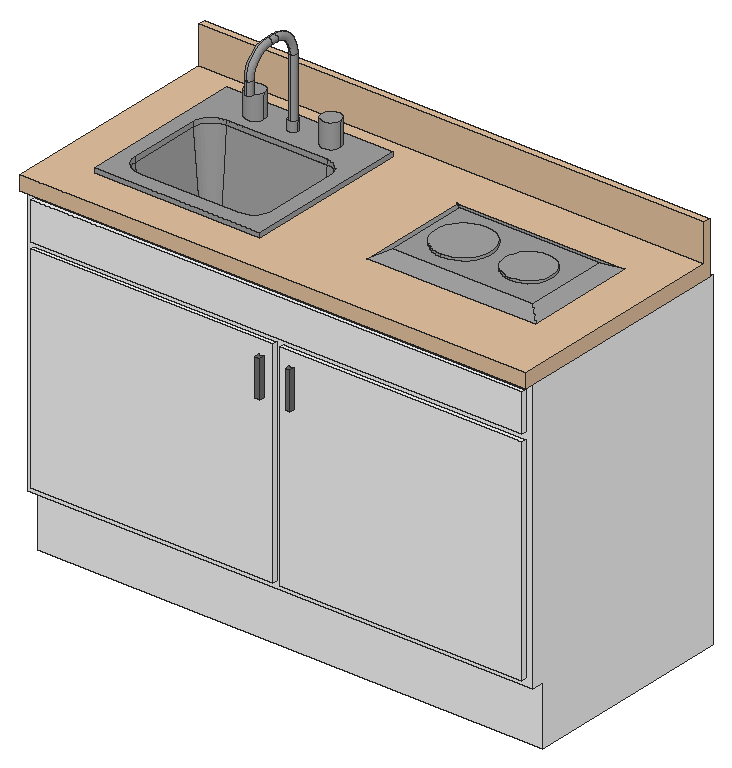
Revit family
Parameters (values of type "1372mm")
  Width = 1372 mm
  Sink Location = Width / 4  # 343 mm
  Height = 900 mm
  Depth = 610 mm
  Cabinet Material = Cabinets
  Door/Drawer Material = Cabinets
  Handle Material = Cabinets - Handles
  Toe Depth = 35 mm
  Toe Height = 160 mm
  Assembly Code = ""
Reference planes
  plane 1 "Back": y = 0
  plane 2: z = 0
  plane 3 "Center": x = 18.738
  plane 4 "Left": x = -667.262
  plane 5 "Right": x = 704.738
  plane 6 "Front": y = -610
  plane 7 "Top": z = 900
  plane 8: y = -575
  plane 9: z = 160
  plane 10: z = 880.95
  plane 11: z = 179.05
  plane 12: x = -648.212
  plane 13: x = 685.688
  plane 14: z = 779.35
  plane 15: z = 760.3
  plane 16: z = 722.2
  plane 17: z = 620.6
  plane 18: x = -16.187
  plane 19: x = -28.887
  plane 20: x = 9.213
  plane 21: x = 28.263
  plane 22: x = 53.663
  plane 23: x = 66.363
  plane 24: y = -305
  plane 25: x = 361.738
  plane 26: x = -324.262
  plane 27: y = -635
Forms (mm)
  Extrusion 1, solid, material "Cabinets" <- "Cabinet Material"
    sketch origin (0, 0, 0) x (1, 0, 0) y (0, 1, 0)
      loop
        line (-667.262, 0) -> (-667.262, -575) -> (704.738, -575) -> (704.738, 0) -> (-667.262, 0)
    from 0 to 160
  Sweep 2, solid, material "Cabinets" <- "Cabinet Material"
    path origin (0, 0, 0) x (1, 0, 0) y (0, 1, 0)
      loop
        line (704.738, 0) -> (-667.262, 0) -> (-667.262, -610) -> (704.738, -610) -> (704.738, 0)
    profile origin (0, -305, 0) x (1, 0, 0) y (0, 0, 1)
      loop
        line (704.738, 160) -> (704.738, 900) -> (685.688, 900) -> (685.688, 160) -> (704.738, 160)
  Extrusion 3, solid, material "Cabinets" <- "Cabinet Material"
    sketch origin (0, 0, 0) x (1, 0, 0) y (0, 1, 0)
      loop
        line (-648.212, -19.05) -> (-648.212, -590.95) -> (685.688, -590.95) -> (685.688, -19.05) -> (-648.212, -19.05)
    from 179.05 to 160
  Extrusion 4, solid, material "Cabinets" <- "Door/Drawer Material"
    sketch origin (0, -610, 0) x (1, 0, 0) y (0, 0, 1)
      loop
        line (-648.212, 760.3) -> (-648.212, 179.05) -> (9.213, 179.05) -> (9.213, 760.3) -> (-648.212, 760.3)
      loop
        line (28.263, 760.3) -> (28.263, 179.05) -> (685.688, 179.05) -> (685.688, 760.3) -> (28.263, 760.3)
      loop
        line (-648.212, 880.95) -> (-648.212, 779.35) -> (685.688, 779.35) -> (685.688, 880.95) -> (-648.212, 880.95)
    from 0 to 12.7
  Extrusion 5, solid, material "Cabinets - Handles" <- "Handle Material"
    sketch origin (0, -610, 0) x (1, 0, 0) y (0, 0, 1)
      loop
        line (-28.887, 722.2) -> (-28.887, 620.6) -> (-16.187, 620.6) -> (-16.187, 722.2) -> (-28.887, 722.2)
      loop
        line (53.663, 722.2) -> (53.663, 620.6) -> (66.363, 620.6) -> (66.363, 722.2) -> (53.663, 722.2)
    from 12.7 to 25.4
Cuts and joins
  joined: Extrusion 1, Sweep 2
Lines and regions (mm)
  symbolic lines, style "SpecialityEquipment"
    curve 1: line (704.738, -610, 0) -> (-667.262, -610, 0)
  model lines
    curve 2: line (685.688, -610, 779.35) -> (-648.212, -610, 779.35)
    curve 3: line (685.688, -610, 880.95) -> (685.688, -610, 779.35)
    curve 4: line (-648.212, -610, 880.95) -> (685.688, -610, 880.95)
    curve 5: line (-648.212, -610, 779.35) -> (-648.212, -610, 880.95)
    curve 6: line (685.688, -610, 179.05) -> (28.263, -610, 179.05)
    curve 7: line (685.688, -610, 760.3) -> (685.688, -610, 179.05)
    curve 8: line (-648.212, -610, 760.3) -> (9.213, -610, 760.3)
    curve 9: line (-648.212, -610, 179.05) -> (-648.212, -610, 760.3)
    curve 10: line (-28.887, -610, 722.2) -> (-16.187, -610, 722.2)
    curve 11: line (-28.887, -610, 620.6) -> (-28.887, -610, 722.2)
    curve 12: line (-16.187, -610, 620.6) -> (-28.887, -610, 620.6)
    curve 13: line (-16.187, -610, 722.2) -> (-16.187, -610, 620.6)
    curve 14: line (28.263, -610, 179.05) -> (28.263, -610, 760.3)
    curve 15: line (9.213, -610, 179.05) -> (9.213, -610, 760.3)
    curve 16: line (66.363, -610, 722.2) -> (53.663, -610, 722.2)
    curve 17: line (66.363, -610, 620.6) -> (66.363, -610, 722.2)
    curve 18: line (53.663, -610, 620.6) -> (66.363, -610, 620.6)
    curve 19: line (53.663, -610, 722.2) -> (53.663, -610, 620.6)
    curve 20: line (28.263, -610, 760.3) -> (685.688, -610, 760.3)
    curve 21: line (9.213, -610, 179.05) -> (-648.212, -610, 179.05)
  symbolic lines, style "Elevation Swing"
    curve 22: line (9.213, -610, 760.3) -> (-648.212, -610, 469.675)
    curve 23: line (9.213, -610, 179.05) -> (-648.212, -610, 469.675)
    curve 24: line (28.263, -610, 760.3) -> (685.688, -610, 469.675)
    curve 25: line (685.688, -610, 469.675) -> (28.263, -610, 179.05)
Dimensions and locks
  "Depth": plane 6 "Front" to plane 1 "Back"
  "Width": plane 4 "Left" to plane 5 "Right"
  equal spacing: plane 4 "Left", plane 3 "Center", plane 5 "Right"
  "Height": level to plane 7 "Top"
  "Toe Height": plane 2 to plane 9
  "Toe Depth": plane 6 "Front" to plane 8
  locked: plane 4 "Left" to plane 12 at 19.05
  locked: plane 13 to plane 5 "Right" at 19.05
  locked: plane 7 "Top" to plane 10 at 19.05
  locked: plane 11 to plane 9 at 19.05
  plane 10 to plane 14 to plane 15 = 101.6 mm locked, 19.05 mm locked
  plane 15 to plane 16 to plane 17 = 38.1 mm locked, 101.6 mm locked
  plane 21 to plane 3 "Center" to plane 20 = 9.525 mm locked, 9.525 mm locked
  plane 20 to plane 18 to plane 19 = 25.4 mm locked, 12.7 mm locked
  plane 21 to plane 22 to plane 23 = 25.4 mm locked, 12.7 mm locked
  equal spacing: plane 15, curve 23, plane 11
  equal spacing: plane 15, curve 25, plane 11
  equal spacing: plane 3 "Center", plane 25, plane 5 "Right"
  equal spacing: plane 4 "Left", plane 26, plane 3 "Center"
  locked: plane 6 "Front" to plane 27 at 25
  equal spacing: plane 6 "Front", plane 24, plane 1 "Back"
  aligned and locked: plane 1 "Back" to Extrusion 1 sketch curve
  aligned and locked: Extrusion 1 sketch curve to plane 5 "Right"
  aligned and locked: Extrusion 1 sketch curve to plane 8
  aligned and locked: plane 4 "Left" to Extrusion 1 sketch curve
  aligned and locked: Extrusion 1 to level
  aligned and locked: Sweep 2 sketch curve to plane 6 "Front"
  aligned and locked: plane 1 "Back" to Sweep 2 sketch curve
  aligned and locked: Sweep 2 sketch curve to plane 5 "Right"  (x2)
  aligned and locked: plane 4 "Left" to Sweep 2 sketch curve
  aligned and locked: plane 7 "Top" to Sweep 2 sketch curve
  aligned and locked: Sweep 2 sketch curve to plane 9
  aligned and locked: Sweep 2 to Extrusion 3 sketch curve  (x2)
  aligned and locked: Extrusion 3 sketch curve to Sweep 2  (x2)
  aligned and locked: Extrusion 3 to plane 11
  aligned and locked: Extrusion 3 to plane 9
  aligned and locked: Extrusion 1 to plane 9
  aligned and locked: plane 17 to Extrusion 5  (x2)
  aligned and locked: curve 8 to curve 22
  aligned and locked: plane 12 to curve 22
  aligned and locked: curve 23 to curve 21
  aligned and locked: curve 24 to curve 20
  aligned and locked: plane 13 to curve 24
  aligned and locked: curve 6 to curve 25
  aligned and locked: nested 1 to plane 26
  aligned and locked: nested 1 to plane 24
  aligned and locked: plane 24 to nested 2
  aligned and locked: nested 2 to plane 25
Automatic sketch dimensions
  profile plane to Sweep 2 sketch curve = 19.05 mm
  curve 1 to plane 4 "Left" = 0 mm
  curve 1 to plane 6 "Front" = 0 mm
  curve 3 to plane 10 = 0 mm
  curve 3 to plane 13 = 0 mm
  curve 17 to plane 16 = 0 mm
  curve 17 to plane 23 = 0 mm
  curve 19 to plane 17 = 0 mm
  curve 19 to plane 22 = 0 mm
  curve 20 to plane 15 = 0 mm
  curve 20 to plane 21 = 0 mm
  curve 15 to plane 15 = 0 mm
  curve 15 to plane 20 = 0 mm
  curve 12 to plane 17 = 0 mm
  curve 12 to plane 18 = 0 mm
  curve 12 to plane 19 = 0 mm
  curve 9 to plane 12 = 0 mm
  curve 5 to plane 12 = 0 mm
  curve 3 to plane 14 = 0 mm
  curve 11 to plane 16 = 0 mm
  curve 6 to plane 11 = 0 mm
  curve 9 to plane 11 = 0 mm
  Extrusion 4 sketch curve to plane 11 = 0 mm  (x2)
  Extrusion 4 sketch curve to plane 12 = 0 mm  (x2)
  Extrusion 4 sketch curve to plane 15 = 0 mm  (x2)
  Extrusion 4 sketch curve to plane 20 = 0 mm
  Extrusion 4 sketch curve to plane 21 = 0 mm
  Extrusion 4 sketch curve to plane 10 = 0 mm
  Extrusion 4 sketch curve to plane 13 = 0 mm  (x2)
  Extrusion 4 sketch curve to plane 14 = 0 mm
  Extrusion 5 sketch curve to plane 19 = 0 mm
  Extrusion 5 sketch curve to plane 18 = 0 mm
  Extrusion 5 sketch curve to plane 16 = 0 mm  (x2)
  Extrusion 5 sketch curve to plane 22 = 0 mm
  Extrusion 5 sketch curve to plane 23 = 0 mm
  plane 17 to Extrusion 5 sketch curve = 0 mm  (x2)
  Sweep 2 to curve 7 = 19.05 mm
  curve 23 to plane 20 = 0 mm
  curve 22 to plane 20 = 0 mm
  curve 25 to plane 21 = 0 mm
  curve 24 to plane 21 = 0 mm
  curve 1 to plane 5 "Right" = 0 mm
Nested families
  nested 1: "Sink Kitchen-Island (NZ)" at (-339.952, -307.345, 40), type "450 x 450mm"
  nested 2: "Cook Top-2 Unit (M)" at (391.963, -381.2, 40) x (0, 1, 0) z (0, 0, 1), type "305 x 457mm"
  nested 3: "Counter Top w Sink Hole (NZ)" at (533.2, -10, 0), Length <- "Width", Sink Location <- "Sink Location", type "600mm Depth"
    with Sink Opening Width 425 mm, Sink Opening Depth 425 mm, Sink Location To Wall 80 mm, Sink Location 343 mm, Length 1372 mm
Definition of nested family "Sink Kitchen-Island (NZ)"
  Parameters (values of type "450 x 450mm")
    Counter Height = 900 mm
    Depth = 450 mm
    Fixture Material = Metal - Steel, Polished
    Sink Material = Metal - Steel, Polished
    Width = 450 mm
    Assembly Code = ""
  Reference planes
    plane 1 "Center (Front/Back)": y = 2.345
    plane 2: z = 0
    plane 3 "Center (Left/Right)": x = 15.689
    plane 4: y = 227.345
    plane 5: y = -222.655
    plane 6: x = -209.311
    plane 7: x = 240.689
    plane 8 "Top Of Counter": z = 900
    plane 9: z = 912.7
    plane 10: z = 684.1
    plane 11: y = 113.045
    plane 12: x = -171.211
    plane 13: y = -184.555
    plane 14: x = 202.589
    plane 15: x = -85.911
    plane 16: x = 117.289
    plane 17: y = 170.195
    plane 18: y = 170.195
    plane 19: y = 170.195
    plane 20: z = 1163.525
    plane 21: y = 20.97
    plane 22: z = 976.2
    plane 23: z = 938.1
  Forms (mm)
    Extrusion 1, solid, material "Metal - Steel, Polished" <- "Sink Material"
      sketch origin (0, 0, 0) x (1, 0, 0) y (0, 1, 0)
        loop
          line (-209.311, 227.345) -> (-209.311, -222.655) -> (240.689, -222.655) -> (240.689, 227.345) -> (-209.311, 227.345)
        loop
          arc (-120.411, 113.045) -> (-156.332, 98.166) -> (-171.211, 62.245) r 50.8
          line (-171.211, 62.245) -> (-171.211, -133.755)
          arc (-171.211, -133.755) -> (-156.332, -169.676) -> (-120.411, -184.555) r 50.8
          line (-120.411, -184.555) -> (151.789, -184.555)
          arc (151.789, -184.555) -> (187.71, -169.676) -> (202.589, -133.755) r 50.8
          line (202.589, -133.755) -> (202.589, 62.245)
          arc (202.589, 62.245) -> (187.71, 98.166) -> (151.789, 113.045) r 50.8
          line (151.789, 113.045) -> (-120.411, 113.045)
      from 900 to 912.7
    Sweep 2, solid, material "Metal - Steel, Polished" <- "Sink Material"
      path origin (0, 0, 0) x (1, 0, 0) y (0, 1, 0)
        loop
          arc (-120.411, 113.045) -> (-156.332, 98.166) -> (-171.211, 62.245) r 50.8
          line (-171.211, 62.245) -> (-171.211, -133.755)
          arc (-171.211, -133.755) -> (-156.332, -169.676) -> (-120.411, -184.555) r 50.8
          line (-120.411, -184.555) -> (151.789, -184.555)
          arc (151.789, -184.555) -> (187.71, -169.676) -> (202.589, -133.755) r 50.8
          line (202.589, -133.755) -> (202.589, 62.245)
          arc (202.589, 62.245) -> (187.71, 98.166) -> (151.789, 113.045) r 50.8
          line (151.789, 113.045) -> (-120.411, 113.045)
      profile origin (15.689, 0, 0) x (0, 1, 0) y (0, 0, 1)
        loop
          line (113.045, 900) -> (96.511, 711.015)
          arc (96.511, 711.015) -> (90.404, 698.63) -> (77.534, 693.625) r 19.05
          line (77.534, 693.625) -> (74.945, 693.625) -> (74.945, 684.1) -> (119.395, 684.1) -> (119.395, 900) -> (113.045, 900)
    Extrusion 3, solid, material "Metal - Steel, Polished" <- "Sink Material"
      sketch origin (0, 0, 0) x (1, 0, 0) y (0, 1, 0)
        loop
          arc (-120.411, 74.945) -> (-129.391, 71.226) -> (-133.111, 62.245) r 12.7
          line (-133.111, 62.245) -> (-133.111, -133.755)
          arc (-133.111, -133.755) -> (-129.391, -142.735) -> (-120.411, -146.455) r 12.7
          line (-120.411, -146.455) -> (151.789, -146.455)
          arc (151.789, -146.455) -> (160.769, -142.735) -> (164.489, -133.755) r 12.7
          line (164.489, -133.755) -> (164.489, 62.245)
          arc (164.489, 62.245) -> (160.769, 71.226) -> (151.789, 74.945) r 12.7
          line (151.789, 74.945) -> (-120.411, 74.945)
        loop
          circle (15.689, 0) r 25.4
      from 684.1 to 693.625
    Extrusion 4, solid, material "Metal - Steel, Polished" <- "Fixture Material"
      sketch origin (0, 0, 0) x (1, 0, 0) y (0, 1, 0)
        loop
          circle (-85.911, 167.117) r 25.4
        loop
          circle (117.289, 172.313) r 25.4
      from 912.7 to 976.2
    Sweep 5, solid, material "Metal - Steel, Polished" <- "Fixture Material"
      path origin (15.689, 0, 0) x (0, 1, 0) y (0, 0, 1)
        loop
          line (170.195, 912.7) -> (170.195, 1100.025)
          arc (170.195, 1100.025) -> (151.597, 1144.926) -> (106.695, 1163.525) r 63.5
          line (106.695, 1163.525) -> (84.47, 1163.525)
          arc (84.47, 1163.525) -> (39.569, 1144.926) -> (20.97, 1100.025) r 63.5
          line (20.97, 1100.025) -> (20.97, 1065.1)
      profile origin (15.689, 0, 1006.363) x (0, -1, 0) y (1, 0, 0)
        loop
          circle (-170.195, 0) r 9.525
    Extrusion 6, solid, material "Metal - Steel, Polished" <- "Fixture Material"
      sketch origin (0, 0, 0) x (1, 0, 0) y (0, 1, 0)
        loop
          circle (15.689, 170.195) r 12.7
      from 912.7 to 938.1
  Cuts and joins
    joined: Sweep 5, Extrusion 6
    joined: Sweep 2, Extrusion 3
  Lines and regions (mm)
    symbolic lines
      curve 1: line (240.689, 227.345, 0) -> (-209.311, 227.345, 0)
      curve 2: line (240.689, -222.655, 0) -> (240.689, 227.345, 0)
      curve 3: line (-209.311, -222.655, 0) -> (240.689, -222.655, 0)
      curve 4: line (-209.311, 227.345, 0) -> (-209.311, -222.655, 0)
      curve 5: arc (41.089, 0, 0) -> (15.689, 25.4, 0) -> (-9.711, 0, 0) r 25.4
      curve 6: arc (-9.711, 0, 0) -> (15.689, -25.4, 0) -> (41.089, 0, 0) r 25.4
      curve 7: line (-171.211, 62.245, 0) -> (-171.211, -133.755, 0)
      curve 8: line (-120.411, -184.555, 0) -> (151.789, -184.555, 0)
      curve 9: line (202.589, -133.755, 0) -> (202.589, 62.245, 0)
      curve 10: line (151.789, 113.045, 0) -> (28.389, 113.045, 0)
      curve 11: arc (202.589, 62.245, 0) -> (187.71, 98.166, 0) -> (151.789, 113.045, 0) r 50.8
      curve 12: arc (151.789, -184.555, 0) -> (187.71, -169.676, 0) -> (202.589, -133.755, 0) r 50.8
      curve 13: arc (-171.211, -133.755, 0) -> (-156.332, -169.676, 0) -> (-120.411, -184.555, 0) r 50.8
      curve 14: arc (-120.411, 113.045, 0) -> (-156.332, 98.166, 0) -> (-171.211, 62.245, 0) r 50.8
      curve 15: arc (-60.511, 167.117, 0) -> (-85.911, 192.517, 0) -> (-111.311, 167.117, 0) r 25.4
      curve 16: arc (142.689, 172.313, 0) -> (117.289, 197.713, 0) -> (91.889, 172.313, 0) r 25.4
      curve 17: arc (-111.311, 167.117, 0) -> (-85.911, 141.717, 0) -> (-60.511, 167.117, 0) r 25.4
      curve 18: arc (91.889, 172.313, 0) -> (117.289, 146.913, 0) -> (142.689, 172.313, 0) r 25.4
      curve 19: arc (28.389, 170.195, 0) -> (15.689, 182.895, 0) -> (2.989, 170.195, 0) r 12.7
      curve 20: line (2.989, 170.195, 0) -> (2.989, 53.145, 0)
      curve 21: line (28.389, 170.195, 0) -> (28.389, 53.145, 0)
      curve 22: arc (28.389, 53.145, 0) -> (15.689, 40.445, 0) -> (2.989, 53.145, 0) r 12.7
      curve 23: line (2.989, 113.045, 0) -> (-120.411, 113.045, 0)
  Dimensions and locks
    equal spacing: plane 6, plane 3 "Center (Left/Right)", plane 7
    "Width": plane 6 to plane 7
    equal spacing: plane 5, plane 1 "Center (Front/Back)", plane 4
    "Depth": plane 5 to plane 4
    "Counter Height": plane 8 "Top Of Counter" to plane 2
    locked: plane 9 to plane 8 "Top Of Counter" at 12.7
    locked: plane 8 "Top Of Counter" to plane 10 at 215.9
    locked: plane 6 to plane 12 at 38.1
    locked: plane 14 to plane 7 at 38.1
    locked: plane 11 to plane 4 at 114.3
    locked: plane 5 to plane 13 at 38.1
    equal spacing: plane 11, plane 17, plane 4
    equal spacing: plane 11, plane 18, plane 4
    equal spacing: plane 4, plane 19, plane 11
    locked: plane 19 to plane 21 at 149.225
    locked: plane 20 to plane 9 at 250.825
    locked: plane 22 to plane 9 at 63.5
    locked: plane 23 to plane 9 at 25.4
    aligned and locked: Extrusion 1 sketch curve to plane 5
    aligned and locked: plane 7 to Extrusion 1 sketch curve
    aligned and locked: plane 4 to Extrusion 1 sketch curve
    aligned and locked: Extrusion 1 sketch curve to plane 6
    aligned and locked: plane 8 "Top Of Counter" to Extrusion 1
    aligned and locked: Extrusion 1 to plane 9
    aligned and locked: plane 11 to Extrusion 1 sketch curve
    aligned and locked: plane 14 to Extrusion 1 sketch curve
    aligned and locked: Extrusion 1 sketch curve to plane 12
    aligned and locked: Extrusion 1 sketch curve to plane 13
    aligned and locked: plane 11 to Sweep 2 sketch curve
    aligned and locked: plane 14 to Sweep 2 sketch curve
    aligned and locked: Sweep 2 sketch curve to plane 12
    aligned and locked: Sweep 2 sketch curve to plane 13
    aligned and locked: Sweep 2 to Extrusion 3 sketch curve  (x4)
    aligned and locked: Sweep 2 to Extrusion 3
    aligned and locked: plane 10 to Extrusion 3
    aligned and locked: Sweep 2 sketch curve to plane 10
    aligned and locked: plane 8 "Top Of Counter" to Sweep 2 sketch curve
    aligned and locked: Extrusion 4 to Extrusion 1
    aligned and locked: Extrusion 6 to Extrusion 1
    aligned and locked: Sweep 5 sketch curve to plane 19
    aligned and locked: plane 20 to Sweep 5 sketch curve
    aligned and locked: plane 21 to Sweep 5 sketch curve
    aligned and locked: Extrusion 4 to plane 22
    aligned and locked: Extrusion 6 to plane 23
  Automatic sketch dimensions
    Sweep 2 sketch curve to plane 12 = 50.8 mm
    Sweep 2 sketch curve to Sweep 2 sketch curve = 50.8 mm
    plane 11 to Sweep 2 sketch curve = 50.8 mm
    plane 14 to Sweep 2 sketch curve = 50.8 mm
    Extrusion 1 sketch curve to plane 12 = 50.8 mm  (x2)
    plane 14 to Extrusion 1 sketch curve = 50.8 mm  (x2)
    Extrusion 3 sketch curve to plane 3 "Center (Left/Right)" = 0 mm
    Extrusion 3 sketch curve to Extrusion 3 sketch curve = 12.7 mm  (x4)
    plane 1 "Center (Front/Back)" to Extrusion 3 sketch curve = 2.345 mm
    Extrusion 3 sketch curve to plane 3 "Center (Left/Right)" = 25.4 mm
    Sweep 2 sketch curve to profile plane = 0 mm
    profile plane to Sweep 2 sketch curve = 16.534 mm
    Sweep 2 sketch curve to Sweep 2 sketch curve = 18.978 mm
    Sweep 2 sketch curve to Sweep 2 sketch curve = 2.588 mm
    Sweep 2 sketch curve to profile plane = 6.35 mm
    Sweep 2 sketch curve to Sweep 2 sketch curve = 9.525 mm
    Sweep 2 sketch curve to Sweep 2 sketch curve = 17.39 mm
    Extrusion 4 sketch curve to plane 15 = 0 mm
    Extrusion 4 sketch curve to plane 16 = 0 mm
    plane 17 to Extrusion 4 sketch curve = 3.079 mm
    plane 15 to Extrusion 4 sketch curve = 25.4 mm
    Extrusion 4 sketch curve to plane 17 = 2.118 mm
    plane 16 to Extrusion 4 sketch curve = 25.4 mm
    Sweep 5 sketch curve to plane 3 "Center (Left/Right)" = 0 mm
    Sweep 5 sketch curve to profile plane = 0 mm
    profile plane to Sweep 5 sketch curve = 9.525 mm
    Extrusion 6 sketch curve to plane 18 = 0 mm
    Extrusion 6 sketch curve to plane 3 "Center (Left/Right)" = 0 mm
    Extrusion 6 sketch curve to plane 3 "Center (Left/Right)" = 12.7 mm
    Sweep 5 sketch curve to plane 9 = 0 mm
    Sweep 5 sketch curve to Sweep 5 sketch curve = 63.5 mm
    plane 11 to Sweep 5 sketch curve = 6.35 mm
    Sweep 5 sketch curve to Sweep 5 sketch curve = 34.925 mm
    curve 1 to plane 4 = 0 mm
    curve 1 to plane 6 = 0 mm
    curve 7 to plane 12 = 0 mm
    curve 14 to plane 11 = 0 mm
    curve 8 to plane 13 = 0 mm
    curve 5 to plane 3 "Center (Left/Right)" = 0 mm
    curve 19 to plane 3 "Center (Left/Right)" = 0 mm
    curve 12 to plane 14 = 0 mm
    curve 1 to plane 7 = 0 mm
    curve 3 to plane 5 = 0 mm
    curve 7 to curve 13 = 50.8 mm
    curve 14 to plane 12 = 50.8 mm
    curve 15 to plane 3 "Center (Left/Right)" = 127 mm
    curve 15 to curve 17 = 25.4 mm
    plane 1 "Center (Front/Back)" to curve 5 = 2.345 mm
    curve 5 to plane 3 "Center (Left/Right)" = 25.4 mm
    curve 19 to curve 19 = 12.7 mm
    curve 19 to curve 18 = 63.5 mm
    curve 16 to curve 16 = 25.4 mm
    plane 14 to curve 12 = 50.8 mm
    plane 14 to curve 10 = 50.8 mm
    curve 22 to plane 1 "Center (Front/Back)" = 50.8 mm
    plane 4 to curve 17 = 60.229 mm
    plane 4 to curve 21 = 57.15 mm
    plane 4 to curve 16 = 55.032 mm
    curve 10 to plane 11 = 0 mm
Definition of nested family "Cook Top-2 Unit (M)"
  Parameters (values of type "356 x 508mm")
    Burner Material = Metal - Chrome
    Cooktop Material = Metal - Steel, Polished
    Counter Height = 900 mm
    Depth = 508 mm
    Width = 356 mm
  Types (4, lengths in mm): name | Depth | Width
    (no name) | 508 | 356
    305 x 457mm | 457 | 305
    356 x 508mm | 508 | 356
    406 x 560mm | 560 | 406
  Reference planes
    plane 1 "Center (Front/Back)": y = 30.225
    plane 2: z = 0
    plane 3 "Center (Left/Right)": x = 76.2
    plane 4: z = 19.05
    plane 5: y = 284.225
    plane 6: y = -223.775
    plane 7: z = 900
  Forms (mm)
    Blend 1, solid, material "Metal - Steel, Polished" <- "Cooktop Material"
      base sketch origin (0, 0, 900) x (-1, 0, 0) y (0, -1, 0)
        loop
          line (101.8, -284.225) -> (101.8, 223.775) -> (-254.2, 223.775) -> (-254.2, -284.225) -> (101.8, -284.225)
      top sketch origin (0, 0, 900) x (-1, 0, 0) y (0, -1, 0)
        loop
          line (63.7, -246.125) -> (63.7, 185.675) -> (-216.1, 185.675) -> (-216.1, -246.125) -> (63.7, -246.125)
      from 0 to 19.05
    Extrusion 2, solid, material "Metal - Chrome" <- "Burner Material"
      sketch origin (76.2, 30.225, 919.05) x (-1, 0, 0) y (0, -1, 0)
        loop
          circle (0, -114.3) r 76.2
        loop
          circle (0, 114.3) r 63.5
      from 0 to 6.35
  Lines and regions (mm)
    symbolic lines, style "SpecialityEquipment"
      curve 1: line (-101.8, 284.225, 19.05) -> (254.2, 284.225, 19.05)
      curve 2: line (-101.8, -223.775, 19.05) -> (-101.8, 284.225, 19.05)
      curve 3: line (254.2, -223.775, 19.05) -> (-101.8, -223.775, 19.05)
      curve 4: line (254.2, 284.225, 19.05) -> (254.2, -223.775, 19.05)
      curve 5: line (-63.7, 246.125, 19.05) -> (216.1, 246.125, 19.05)
      curve 6: line (-63.7, -185.675, 19.05) -> (-63.7, 246.125, 19.05)
      curve 7: line (216.1, -185.675, 19.05) -> (-63.7, -185.675, 19.05)
      curve 8: line (216.1, 246.125, 19.05) -> (216.1, -185.675, 19.05)
      curve 9: line (-101.8, 284.225, 19.05) -> (-63.7, 246.125, 19.05)
      curve 10: line (254.2, 284.225, 19.05) -> (216.1, 246.125, 19.05)
      curve 11: line (254.2, -223.775, 19.05) -> (216.1, -185.675, 19.05)
      curve 12: line (-101.8, -223.775, 19.05) -> (-63.7, -185.675, 19.05)
      curve 13: arc (152.4, 144.525, 19.05) -> (76.2, 220.725, 19.05) -> (0, 144.525, 19.05) r 76.2
      curve 14: arc (0, 144.525, 19.05) -> (76.2, 68.325, 19.05) -> (152.4, 144.525, 19.05) r 76.2
      curve 15: arc (139.7, -84.075, 19.05) -> (76.2, -20.575, 19.05) -> (12.7, -84.075, 19.05) r 63.5
      curve 16: arc (12.7, -84.075, 19.05) -> (76.2, -147.575, 19.05) -> (139.7, -84.075, 19.05) r 63.5
      curve 17: line (76.2, 169.925, 19.05) -> (76.2, 233.425, 19.05)
      curve 18: line (50.8, 144.525, 19.05) -> (-12.7, 144.525, 19.05)
      curve 19: line (76.2, 119.125, 19.05) -> (76.2, 55.625, 19.05)
      curve 20: line (101.6, 144.525, 19.05) -> (165.1, 144.525, 19.05)
      curve 21: line (76.2, -65.025, 19.05) -> (76.2, -1.525, 19.05)
      curve 22: line (57.15, -84.075, 19.05) -> (-6.35, -84.075, 19.05)
      curve 23: line (76.2, -103.125, 19.05) -> (76.2, -166.625, 19.05)
      curve 24: line (95.25, -84.075, 19.05) -> (158.75, -84.075, 19.05)
  Dimensions and locks
    equal spacing: curve 2, plane 3 "Center (Left/Right)", curve 4
    equal spacing: curve 3, plane 1 "Center (Front/Back)", curve 1
    "Depth": curve 3 to curve 1
    "Width": curve 2 to curve 4
    locked: curve 14 to curve 1 at 139.7
    locked: curve 16 to curve 3 at 139.7
    "Counter Height": plane 2 to plane 7
    locked: Blend 1 sketch curve to curve 1 at 38.1
    locked: Blend 1 sketch curve to curve 3 at 38.1
    locked: curve 2 to Blend 1 sketch curve at 38.1
    locked: Blend 1 sketch curve to curve 4 at 38.1
    locked: Extrusion 2 sketch curve to curve 1 at 139.7
    locked: Extrusion 2 sketch curve to curve 3 at 139.7
    aligned and locked: Blend 1 sketch curve to curve 1
    aligned and locked: Blend 1 sketch curve to curve 3
    aligned and locked: Blend 1 sketch curve to curve 4
    aligned and locked: Blend 1 sketch curve to curve 2
  Automatic sketch dimensions
    curve 16 to plane 3 "Center (Left/Right)" = 0 mm
    curve 17 to plane 3 "Center (Left/Right)" = 0 mm
    curve 21 to plane 3 "Center (Left/Right)" = 0 mm
    curve 13 to plane 3 "Center (Left/Right)" = 0 mm
    curve 23 to plane 3 "Center (Left/Right)" = 0 mm
    curve 19 to plane 3 "Center (Left/Right)" = 0 mm
    curve 3 to curve 12 = 38.1 mm
    curve 18 to plane 3 "Center (Left/Right)" = 88.9 mm
    curve 22 to plane 3 "Center (Left/Right)" = 82.55 mm
    curve 18 to curve 13 = 12.7 mm
    curve 22 to curve 16 = 19.05 mm
    curve 18 to plane 3 "Center (Left/Right)" = 25.4 mm
    curve 22 to plane 3 "Center (Left/Right)" = 19.05 mm
    plane 3 "Center (Left/Right)" to curve 24 = 19.05 mm
    plane 3 "Center (Left/Right)" to curve 20 = 25.4 mm
    curve 15 to curve 24 = 19.05 mm
    curve 13 to curve 20 = 12.7 mm
    curve 11 to curve 11 = 38.1 mm
    curve 11 to curve 7 = 38.1 mm
    curve 23 to curve 15 = 82.55 mm
    curve 23 to curve 15 = 19.05 mm
    plane 1 "Center (Front/Back)" to curve 21 = 31.75 mm
    curve 19 to plane 1 "Center (Front/Back)" = 25.4 mm
    curve 13 to curve 17 = 25.4 mm
    curve 17 to curve 17 = 63.5 mm
    curve 9 to curve 1 = 38.1 mm
    curve 19 to curve 13 = 25.4 mm
    curve 20 to curve 13 = 0 mm
    curve 18 to curve 13 = 0 mm
    curve 22 to curve 15 = 0 mm
    curve 24 to curve 15 = 0 mm
    curve 15 to curve 21 = 19.05 mm
    Extrusion 2 sketch curve to plane 3 "Center (Left/Right)" = 0 mm  (x2)
    plane 3 "Center (Left/Right)" to Extrusion 2 sketch curve = 76.2 mm
    plane 3 "Center (Left/Right)" to Extrusion 2 sketch curve = 63.5 mm
Definition of nested family "Counter Top w Sink Hole (NZ)"
  Parameters (values of type "600mm Depth")
    Counter Thickness = 40 mm
    Counter Top Material = none
    Depth = 625 mm
    Height [instance] = 940 mm
    Length [instance] = 2500 mm
    Sink Location [instance] = 1200 mm
    Sink Location To Wall [instance] = 100 mm
    Sink Opening Depth [instance] = 378 mm
    Sink Opening Width [instance] = 587 mm
    Assembly Code = ""
  Reference planes
    plane 1 "Back": y = 0
    plane 2: z = 0
    plane 3 "Left": x = -1200.462
    plane 4 "Right": x = 1299.538
    plane 5 "Front": y = -625
    plane 6 "Top": z = 940
    plane 7: z = 900
    plane 8: y = -19.05
    plane 9: z = 1041.6
    plane 10: x = -0.462
    plane 11: y = -100
    plane 12: x = 293.038
    plane 13: y = -478
    plane 14: x = -293.962
    plane 15: y = -87.3
    plane 16: x = 305.738
    plane 17: y = -490.7
    plane 18: x = -306.662
  Forms (mm)
    Extrusion 1, solid, material <- "Counter Top Material"
      sketch origin (0, 0, 0) x (1, 0, 0) y (0, 1, 0)
        loop
          line (-1200.462, 0) -> (-1200.462, -625) -> (1299.538, -625) -> (1299.538, 0) -> (-1200.462, 0)
      from 900 to 940
    Extrusion 2, solid, material <- "Counter Top Material"
      sketch origin (0, 0, 0) x (1, 0, 0) y (0, 1, 0)
        loop
          line (1299.538, 0) -> (-1200.462, 0) -> (-1200.462, -19.05) -> (1299.538, -19.05) -> (1299.538, 0)
      from 940 to 1041.6
    Extrusion 3, void
      sketch origin (0, 0, 0) x (1, 0, 0) y (0, 1, 0)
        loop
          arc (-255.862, -87.3) -> (-291.783, -102.179) -> (-306.662, -138.1) r 50.8
          line (-306.662, -138.1) -> (-306.662, -439.9)
          arc (-306.662, -439.9) -> (-291.783, -475.821) -> (-255.862, -490.7) r 50.8
          line (-255.862, -490.7) -> (254.938, -490.7)
          arc (254.938, -490.7) -> (290.859, -475.821) -> (305.738, -439.9) r 50.8
          line (305.738, -439.9) -> (305.738, -138.1)
          arc (305.738, -138.1) -> (290.859, -102.179) -> (254.938, -87.3) r 50.8
          line (254.938, -87.3) -> (-255.862, -87.3)
      from 900 to 940
  Cuts and joins
    Extrusion 3 cuts Extrusion 1
    Extrusion 3 cuts Extrusion 2
    joined: Extrusion 1, Extrusion 2
  Lines and regions (mm)
    Masking region 1
      outline origin (0, 0, 940) x (0, -1, 0) y (1, 0, 0)
        loop
          line (625, -1200.462) -> (625, 1299.538) -> (0, 1299.538) -> (0, -1200.462) -> (625, -1200.462)
    symbolic lines, style "Counter Top"
      curve 1: line (-1200.462, -19.05, 0) -> (1299.538, -19.05, 0)
    symbolic lines, style "Sink Opening"
      curve 2: line (-243.162, -100, 0) -> (242.238, -100, 0)
      curve 3: line (-293.962, -427.2, 0) -> (-293.962, -150.8, 0)
      curve 4: line (242.238, -478, 0) -> (-243.162, -478, 0)
      curve 5: line (293.038, -150.8, 0) -> (293.038, -427.2, 0)
      curve 6: arc (-293.962, -150.8, 0) -> (-279.083, -114.879, 0) -> (-243.162, -100, 0) r 50.8
      curve 7: arc (242.238, -100, 0) -> (278.159, -114.879, 0) -> (293.038, -150.8, 0) r 50.8
      curve 8: arc (293.038, -427.2, 0) -> (278.159, -463.121, 0) -> (242.238, -478, 0) r 50.8
      curve 9: arc (-243.162, -478, 0) -> (-279.083, -463.121, 0) -> (-293.962, -427.2, 0) r 50.8
  Dimensions and locks
    "Depth": plane 5 "Front" to plane 1 "Back"
    "Length": plane 3 "Left" to plane 4 "Right"
    "Height": level to plane 6 "Top"
    "Counter Thickness": plane 7 to plane 6 "Top"
    locked: plane 8 to plane 1 "Back" at 19.05
    plane 6 "Top" to plane 9 = 101.6 mm
    "Sink Opening Width": plane 14 to plane 12
    "Sink Opening Depth": plane 13 to plane 11
    "Sink Location": plane 3 "Left" to plane 10
    equal spacing: plane 14, plane 10, plane 12
    "Sink Location To Wall": plane 11 to plane 1 "Back"
    locked: plane 11 to plane 15 at 12.7
    locked: plane 17 to plane 13 at 12.7
    locked: plane 18 to plane 14 at 12.7
    locked: plane 12 to plane 16 at 12.7
    aligned and locked: plane 1 "Back" to Extrusion 1 sketch curve
    aligned and locked: plane 4 "Right" to Extrusion 1 sketch curve
    aligned and locked: Extrusion 1 sketch curve to plane 5 "Front"
    aligned and locked: Extrusion 1 sketch curve to plane 3 "Left"
    aligned and locked: Extrusion 1 to plane 6 "Top"
    aligned and locked: Extrusion 1 to plane 7
    aligned and locked: Extrusion 2 sketch curve to plane 1 "Back"
    aligned and locked: plane 8 to Extrusion 2 sketch curve
    aligned and locked: Extrusion 2 sketch curve to plane 4 "Right"
    aligned and locked: plane 3 "Left" to Extrusion 2 sketch curve
    aligned and locked: Extrusion 2 to plane 9
    aligned and locked: plane 6 "Top" to Extrusion 2
    aligned and locked: Extrusion 3 to plane 6 "Top"
    aligned and locked: Extrusion 1 to Extrusion 3
    aligned and locked: plane 11 to curve 2
    aligned and locked: plane 12 to curve 5
    aligned and locked: curve 4 to plane 13
    aligned and locked: curve 3 to plane 14
    aligned and locked: plane 15 to Extrusion 3 sketch curve
    aligned and locked: plane 16 to Extrusion 3 sketch curve
    aligned and locked: Extrusion 3 sketch curve to plane 17
    aligned and locked: Extrusion 3 sketch curve to plane 18
  Automatic sketch dimensions
    curve 1 to plane 4 "Right" = 0 mm
    curve 1 to plane 8 = 0 mm
    curve 2 to plane 14 = 50.8 mm
    curve 9 to curve 4 = 50.8 mm
    plane 12 to curve 4 = 50.8 mm
    curve 7 to curve 5 = 50.8 mm
    Extrusion 3 sketch curve to plane 14 = 38.1 mm  (x2)
    plane 11 to Extrusion 3 sketch curve = 38.1 mm
    plane 12 to Extrusion 3 sketch curve = 38.1 mm
    curve 1 to plane 3 "Left" = 0 mm
    Masking region 1 sketch curve to plane 1 "Back" = 0 mm
    Masking region 1 sketch curve to plane 3 "Left" = 0 mm
    Masking region 1 sketch curve to plane 5 "Front" = 0 mm
    Masking region 1 sketch curve to plane 4 "Right" = 0 mm
